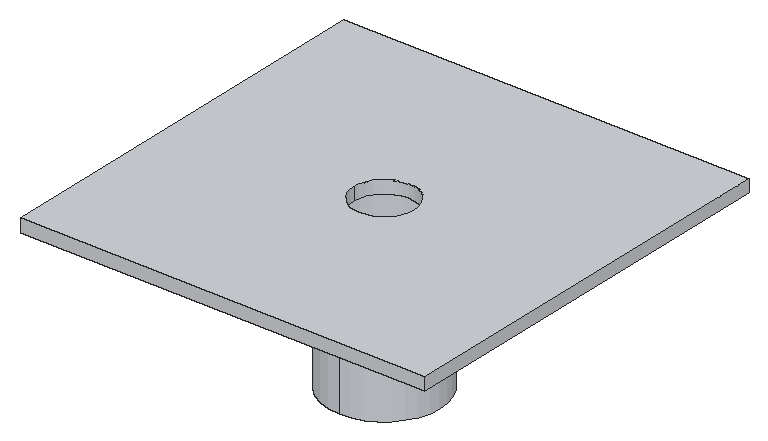
Revit family "Civic_X165", category Lighting Fixtures, Revit 2014
Parameters (values of type "Civic X165")
  Wattage Comments = "19.5"
  Wattage = 19.5 W
  built-in parameter 1150110 = 1 (stored number, unit not read)
  Type Comments = "Surface"
  Type = "Civic X165"
  built-in parameter 1114217 = 1 (stored number, unit not read)
  built-in parameter 1150109 = 1 (stored number, unit not read)
  built-in parameter 1150134 = (empty or 0)
  built-in parameter 1150113 = 1 (stored number, unit not read)
  O/A Diameter (mm) = "165"
  Model = "Civic X165"
  Manufacturer = "Designed Architectural Lighting"
  Luminous flux of luminaire (lm) = "2000"
  Lumens = 1998.75 lm
  built-in parameter 1150115 = 1 (stored number, unit not read)
  built-in parameter 1150105 = 636.22 (stored number, unit not read)
  Light Source Symbol Size = 609.6 mm
  built-in parameter 1150137 = (empty or 0)
  built-in parameter 1150139 = (empty or 0)
  built-in parameter 1150112 = 1 (stored number, unit not read)
  built-in parameter 1150114 = 1 (stored number, unit not read)
  Lamp = "LED"
  built-in parameter 1150132 = (empty or 0)
  built-in parameter 1150102 = (empty or 0)
  built-in parameter 1150138 = (empty or 0)
  built-in parameter 1150107 = 3000 (stored number, unit not read)
  built-in parameter 1150106 = 6.3622 (stored number, unit not read)
  Height (mm) = "230"
  built-in parameter 1150104 = 9.5226 (stored number, unit not read)
  Dimming Lamp Color Temperature Shift = <None>
  Description = "Surface mounted LED downlighter"
  Cut Out (mm) = "0"
  Colour temperature (K) = "2700/3000/3500/4000"
  Color Filter = 16777215
  CRI = "80"
  built-in parameter 1114218 = 1 (stored number, unit not read)
  built-in parameter 1150133 = 10 (stored number, unit not read)
  Apparent Load = 19.5 VA
  Aperture (mm) = "120"
Reference planes
  plane 1 "Light Source Axis (F/B)": y = 0
  plane 2: z = 0
  plane 3 "Light Source Axis (L/R)": x = 0
  plane 4 "Light Source Elevation": z = 0
Forms (mm)
  Extrusion 1, solid
    sketch origin (-38.915, -66.181, 0) x (1, 0, 0) y (0, 1, 0)
      loop
        line (-261.085, 366.181) -> (-261.085, -233.819) -> (338.915, -233.819) -> (338.915, 366.181) -> (-261.085, 366.181)
      loop
        circle (38.915, 66.181) r 45
    from 231.015 to 250.334
  Revolve 2, solid
    sketch origin (0, 0, 0) x (0, 1, 0) y (0, 0, 1)
      loop
        line (71.681, 0) -> (71.681, 1.227) -> (63.932, 1.227)
        arc (63.932, 1.227) -> (49.601, 29.062) -> (27.558, 51.292) r 102.801
        line (27.558, 51.292) -> (27.558, 56.292) -> (32.061, 60.796)
        arc (32.061, 60.796) -> (32.445, 61.722) -> (32.061, 62.648) r 1.309
        line (32.061, 62.648) -> (27.913, 69.036) -> (26.251, 67.957) -> (30.199, 61.877) -> (26.663, 58.342)
        arc (26.663, 58.342) -> (26.136, 57.589) -> (25.899, 56.702) r 2.645
        line (25.899, 56.702) -> (25.899, 50.048)
        arc (25.899, 50.048) -> (47.611, 27.59) -> (62.26, 0) r 111.771
        line (62.26, 0) -> (71.681, 0)
      axis (0, 69.036) -> (0, 0)
    angle from 0 to 360
  Revolve 3, solid
    sketch origin (0, 0, 0) x (0, 1, 0) y (0, 0, 1)
      loop
        line (68.134, 1.227) -> (68.134, 22.989)
        arc (68.134, 22.989) -> (68.656, 24.25) -> (69.917, 24.773) r 1.783
        line (69.917, 24.773) -> (69.917, 26.556)
        arc (69.917, 26.556) -> (67.628, 25.973) -> (66.296, 24.021) r 3.341
        line (66.296, 24.021) -> (66.296, 1.227) -> (68.134, 1.227)
      axis (0, 26.556) -> (0, 1.227)
    angle from 0 to 360
  Revolve 4, solid
    sketch origin (0, 0, 0) x (0, 1, 0) y (0, 0, 1)
      loop
        line (82.944, 152.462) -> (78.703, 152.462) -> (78.703, 0) -> (82.944, 0) -> (82.944, 152.462)
      axis (0, 152.462) -> (0, 0)
    angle from 0 to 360
  Revolve 5, solid
    sketch origin (0, 0, 0) x (0, 1, 0) y (0, 0, 1)
      loop
        line (82.732, 160.578) -> (82.732, 227.947) -> (79.095, 227.947) -> (79.095, 160.578) -> (82.732, 160.578)
      axis (0, 227.947) -> (0, 160.578)
    angle from 0 to 360
  Revolve 6, solid
    sketch origin (0, 0, 0) x (0, 1, 0) y (0, 0, 1)
      loop
        line (68.161, 138.382) -> (0, 138.382) -> (0, 97.293) -> (68.161, 97.293) -> (68.161, 138.382)
      axis (0, 138.382) -> (0, 97.293)
    angle from 0 to 360
  Revolve 7, solid
    sketch origin (0, 0, 0) x (0, 1, 0) y (0, 0, 1)
      loop
        line (22.687, 97.293) -> (0, 97.293) -> (0, 85.682) -> (22.687, 85.682) -> (22.687, 97.293)
      axis (0, 97.293) -> (0, 85.682)
    angle from 0 to 360
  Revolve 8, solid
    sketch origin (0, 0, 0) x (0, 1, 0) y (0, 0, 1)
      loop
        line (25.112, 85.508) -> (0, 85.508) -> (0, 77.022) -> (25.112, 77.022) -> (25.112, 85.508)
      axis (0, 85.508) -> (0, 77.022)
    angle from 0 to 360
  Revolve 9, solid
    sketch origin (0, 0, 0) x (0, 1, 0) y (0, 0, 1)
      loop
        arc (11.466, 77.022) -> (16.399, 63.803) -> (22.922, 51.292) r 114.433
        line (22.922, 51.292) -> (25.187, 51.292) -> (25.187, 52.816)
        arc (25.187, 52.816) -> (18.808, 64.478) -> (14.41, 77.022) r 81.521
        line (14.41, 77.022) -> (11.466, 77.022)
      axis (0, 77.022) -> (0, 51.292)
    angle from 0 to 360
  Revolve 10, solid
    sketch origin (0, 0, 0) x (0, 1, 0) y (0, 0, 1)
      loop
        line (78.2, 163.716) -> (50.816, 163.716)
        arc (50.816, 163.716) -> (40.387, 159.95) -> (30.611, 154.72) r 76.747
        line (30.611, 154.72) -> (7.853, 154.72) -> (7.853, 152.462) -> (30.611, 152.462)
        arc (30.611, 152.462) -> (40.005, 156.912) -> (49.732, 160.578) r 126.88
        line (49.732, 160.578) -> (78.2, 160.578) -> (78.2, 163.716)
      axis (0, 163.716) -> (0, 152.462)
    angle from 0 to 360
Dimensions and locks
  aligned and locked: plane 3 "Light Source Axis (L/R)" to imposter light
  aligned and locked: plane 1 "Light Source Axis (F/B)" to imposter light
  aligned and locked: plane 4 "Light Source Elevation" to imposter light
  aligned and locked: level to plane 2
